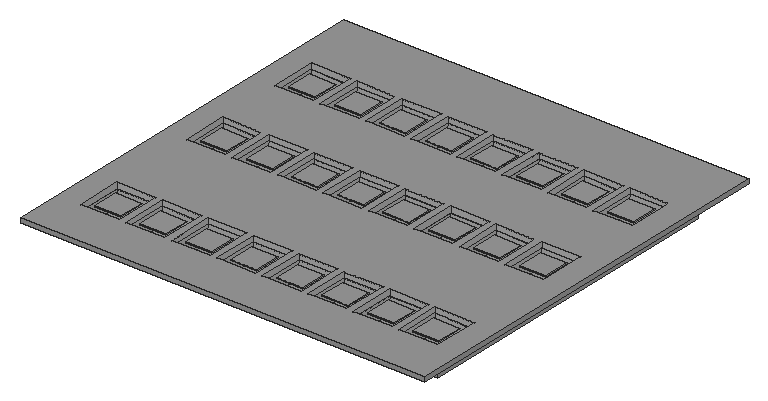
Revit family "2023872", category Lighting Fixtures, host Face, Revit 2018
Family settings
  Host = Face
  Round Connector Dimension = Use Diameter
  Part Type = Normal
  OmniClass Number = 23.80.70.00
  OmniClass Title = Lighting
  Cut with Voids When Loaded = No
  Light Source = Yes
  Shared = No
  Room Calculation Point = No
Parameters (values of type "2023872 OPTIX R 625 3L LUMI 4K ALU SSC")
  Weight = "n/a"
  Wattage Comments = ""
  Wattage = 9.2903 W
  WarrantyStartDate [instance] = "n/a"
  WarrantyGuarantorParts = "n/a"
  WarrantyDurationUnit = "n/a"
  WarrantyDurationParts = ""
  WarrantyDescription = "http://www.sylvania-lighting.com"
  built-in parameter 1150110 = 1 (stored number, unit not read)
  Voltage = 0 V
  URL = "1"
  TypeName = "OPTIX RECESSED 625 3L LUMI 4K ALU SSC"
  Type Image = <None>
  Type Comments = "n/a"
  built-in parameter 1114217 = 1 (stored number, unit not read)
  Tilt Angle = -90.00°
  built-in parameter 1150109 = 1 (stored number, unit not read)
  built-in parameter 1150134 = 3
  built-in parameter 1150113 = 1 (stored number, unit not read)
  SerialNumber [instance] = "n/a"
  Photometric Web File = "2023872.ies"
  Material_3_SYL = none
  PowerFactor = 0
  PowerConsumption = "Lighting"
  NominalLength = 621 mm
  NominalHeight = 38 mm
  NominalDepth = 620 mm
  Name = "OPTIX RECESSED 625 3L LUMI 4K ALU SSC"
  ModelReference = Name  # "OPTIX RECESSED 625 3L LUMI 4K ALU SSC"
  ModelNumber = "2023872"
  Model = Name  # "OPTIX RECESSED 625 3L LUMI 4K ALU SSC"
  Material = "Feilo Sylvania"
  ManufacturerName = "99 lm/W"
  Manufacturer = ""
  LuminousEfficacy = ""
  built-in parameter 1150105 = 109.82 (stored number, unit not read)
  Lumens = 1380 lm
  LuminaireType = "0"
  built-in parameter 1150115 = 1 (stored number, unit not read)
  LightOutputRatio = "LED"
  built-in parameter 1150137 = (empty or 0)
  built-in parameter 1150139 = (empty or 0)
  LampsType = Lamp  # "n/a"
  LampNominalLuminous = "4000 K"
  LampMacAdamStep = "98"
  LampColourTemperature = "LED"
  LampColourRenderingIndex = "16500"
  built-in parameter 1150112 = 1 (stored number, unit not read)
  built-in parameter 1150114 = 1 (stored number, unit not read)
  Lamp = "n/a"
  Keynote = "n/a"
  InstallationDate [instance] = "n/a"
  InputVoltage = "0"
  InputNominalFrequency = "4000"
  built-in parameter 1150132 = (empty or 0)
  built-in parameter 1150102 = (empty or 0)
  built-in parameter 1150107 = 3200 (stored number, unit not read)
  built-in parameter 1150138 = (empty or 0)
  IngressProtection = "IfcLightFixtureType"
  ImpactProtectionIndex = "IfcLightFixtureType"
  built-in parameter 1150106 = 1.0982 (stored number, unit not read)
  IfcExportType = "IfcLightFixtureType"
  IfcExportAs = "Class I"
  Emit from Circle Diameter = 609.6 mm
  Emit Shape Visible in Rendering = no
  ElectricShockClassification = "99"
  built-in parameter 1150104 = 13.8 (stored number, unit not read)
  DocumentationLiterature = "http://www.sylvania-lighting.com/product/en-int/products/2023872"
  DimmingControlOptions = "n/a"
  Material_2_SYL = none
  Dimming Lamp Color Temperature Shift = <None>
  Description = "OPTIX RECESSED 625 3L LUMI 4000K ALU SSC is a ceiling recessed luminaire for office and education applications with Aluminised plastic extra low glare optics and RAL9016 colour fixture body. SylSmart Standalone enabled. 4000K Neutral White LED, chromaticity tolerance of 3-step MacAdam ellipse. For 4000K - Colour rendering index Ra >98; Melanopic Ratio MEER: 0.776; Fidelity Index Rᶠ: 94; Gamut Index Rᶢ: 98. For 4000K luminous flux: 3750lm. Power consumption: 38W. Luminaire efficacy: 99lm/W. UGR<16 Luminance at 65°<200 Cd/m2, IK07, IP20. Photobiological safety risk group 0. Electrical protection Class I. Glow wire test 850°C. 60,000hrs L80B20 lifespan."
  Default Elevation = 1219.2 mm
  CreatedOn = "13/10/2022"
  CreatedBy = "@sylvania-lighting.com"
  Cost = 0
  Color Filter = 16777215
  built-in parameter 1114216 [instance] = (empty or 0)
  ClassificationValue = "EF_70_80"
  ClassificationName = "Uniclass2015"
  Material_1_SYL = none
  BarCode [instance] = "n/a"
  built-in parameter 1114218 = 1 (stored number, unit not read)
  built-in parameter 1150133 = 10 (stored number, unit not read)
  AssetType = "Fixed"
  AssetIdentifier [instance] = "n/a"
  Assembly Code = "D5020200"
  Apparent Load = 38 VA
  Material_4_SYL = none
Reference planes
  plane 1 "Center (Front/Back)": y = 0
  plane 2: z = 0
  plane 3 "Center (Left/Right)": x = 0
  plane 4: x = -310.5
  plane 5: x = 310.5
  plane 6: y = 310
  plane 7: y = -310
  plane 8: x = -281.5
  plane 9: x = 281.5
  plane 10: y = 250
  plane 11: y = -250
  plane 12: z = -32
  plane 13: z = 6
  plane 14: y = 204
  plane 15: y = -204
  plane 16: y = 134
  plane 17: y = -134
  plane 18: x = -280
  plane 19: x = 280
  plane 20: x = -275.2
  plane 21: x = -215.2
  plane 22: x = -205.4
  plane 23: x = -145.397
  plane 24: x = -135.597
  plane 25: x = -75.597
  plane 26: x = -65.797
  plane 27: x = -5.797
  plane 28: x = 4.003
  plane 29: x = 64.003
  plane 30: x = 73.803
  plane 31: x = 143.603
  plane 32: x = 133.803
  plane 33: x = 203.603
  plane 34: x = 213.403
  plane 35: x = 273.403
  plane 36: y = 149
  plane 37: y = 189
  plane 38: x = -225.2
  plane 39: x = -265.2
  plane 40: y = 169
  plane 41: y = 35
  plane 42: y = -35
  plane 43: x = -275.2
  plane 44: x = -215.2
  plane 45: x = -205.4
  plane 46: x = -145.397
  plane 47: x = -135.597
  plane 48: x = -75.597
  plane 49: x = -65.797
  plane 50: x = -5.797
  plane 51: x = 4.003
  plane 52: x = 64.003
  plane 53: x = 73.803
  plane 54: x = 143.603
  plane 55: x = 133.803
  plane 56: x = 203.603
  plane 57: x = 213.403
  plane 58: x = 273.403
  plane 59: y = -20
  plane 60: y = 20
  plane 61: x = -225.2
  plane 62: x = -265.2
  plane 63: y = 0
  plane 64: x = -275.2
  plane 65: x = -215.2
  plane 66: x = -205.4
  plane 67: x = -145.397
  plane 68: x = -135.597
  plane 69: x = -75.597
  plane 70: x = -65.797
  plane 71: x = -5.797
  plane 72: x = 4.003
  plane 73: x = 64.003
  plane 74: x = 73.803
  plane 75: x = 143.603
  plane 76: x = 133.803
  plane 77: x = 203.603
  plane 78: x = 213.403
  plane 79: x = 273.403
  plane 80: y = -224
  plane 81: y = -184
  plane 82: x = -225.2
  plane 83: x = -265.2
Forms (mm)
  Extrusion 1, solid, material "Aluminum", detail levels medium+fine
    sketch origin (0, 0, 0) x (1, 0, 0) y (0, 1, 0)
      loop
        line (-310.5, 310) -> (-310.5, -310) -> (310.5, -310) -> (310.5, 310) -> (-310.5, 310)
    from 0 to 6
  Extrusion 2, solid, material "Aluminum", detail levels medium+fine
    sketch origin (0, 0, 0) x (1, 0, 0) y (0, 1, 0)
      loop
        line (-281.5, 250) -> (-281.5, -250) -> (281.5, -250) -> (281.5, 250) -> (-281.5, 250)
    from 0 to -32
  Blend 3, void
    base sketch origin (0, 0, 0) x (1, 0, 0) y (0, 1, 0)
      loop
        line (-275.2, 204) -> (-275.2, 134) -> (-215.2, 134) -> (-215.2, 204) -> (-275.2, 204)
    top sketch origin (0, 0, 0) x (1, 0, 0) y (0, 1, 0)
      loop
        line (-265.2, 189) -> (-265.2, 149) -> (-225.2, 149) -> (-225.2, 189) -> (-265.2, 189)
    from 6 to -19
  Blend 4, void
    base sketch origin (69.8, 0, 0) x (1, 0, 0) y (0, 1, 0)
      loop
        line (-275.2, 204) -> (-275.2, 134) -> (-215.2, 134) -> (-215.2, 204) -> (-275.2, 204)
    top sketch origin (69.8, 0, 0) x (1, 0, 0) y (0, 1, 0)
      loop
        line (-265.2, 189) -> (-265.2, 149) -> (-225.2, 149) -> (-225.2, 189) -> (-265.2, 189)
    from 6 to -19
  Blend 5, void
    base sketch origin (139.603, 0, 0) x (1, 0, 0) y (0, 1, 0)
      loop
        line (-275.2, 204) -> (-275.2, 134) -> (-215.2, 134) -> (-215.2, 204) -> (-275.2, 204)
    top sketch origin (139.603, 0, 0) x (1, 0, 0) y (0, 1, 0)
      loop
        line (-265.2, 189) -> (-265.2, 149) -> (-225.2, 149) -> (-225.2, 189) -> (-265.2, 189)
    from 6 to -19
  Blend 6, void
    base sketch origin (209.403, 0, 0) x (1, 0, 0) y (0, 1, 0)
      loop
        line (-275.2, 204) -> (-275.2, 134) -> (-215.2, 134) -> (-215.2, 204) -> (-275.2, 204)
    top sketch origin (209.403, 0, 0) x (1, 0, 0) y (0, 1, 0)
      loop
        line (-265.2, 189) -> (-265.2, 149) -> (-225.2, 149) -> (-225.2, 189) -> (-265.2, 189)
    from 6 to -19
  Blend 7, void
    base sketch origin (279.203, 0, 0) x (1, 0, 0) y (0, 1, 0)
      loop
        line (-275.2, 204) -> (-275.2, 134) -> (-215.2, 134) -> (-215.2, 204) -> (-275.2, 204)
    top sketch origin (279.203, 0, 0) x (1, 0, 0) y (0, 1, 0)
      loop
        line (-265.2, 189) -> (-265.2, 149) -> (-225.2, 149) -> (-225.2, 189) -> (-265.2, 189)
    from 6 to -19
  Blend 8, void
    base sketch origin (349.003, 0, 0) x (1, 0, 0) y (0, 1, 0)
      loop
        line (-275.2, 204) -> (-275.2, 134) -> (-215.2, 134) -> (-215.2, 204) -> (-275.2, 204)
    top sketch origin (349.003, 0, 0) x (1, 0, 0) y (0, 1, 0)
      loop
        line (-265.2, 189) -> (-265.2, 149) -> (-225.2, 149) -> (-225.2, 189) -> (-265.2, 189)
    from 6 to -19
  Blend 9, void
    base sketch origin (418.803, 0, 0) x (1, 0, 0) y (0, 1, 0)
      loop
        line (-275.2, 204) -> (-275.2, 134) -> (-215.2, 134) -> (-215.2, 204) -> (-275.2, 204)
    top sketch origin (418.803, 0, 0) x (1, 0, 0) y (0, 1, 0)
      loop
        line (-265.2, 189) -> (-265.2, 149) -> (-225.2, 149) -> (-225.2, 189) -> (-265.2, 189)
    from 6 to -19
  Blend 10, void
    base sketch origin (488.603, 0, 0) x (1, 0, 0) y (0, 1, 0)
      loop
        line (-275.2, 204) -> (-275.2, 134) -> (-215.2, 134) -> (-215.2, 204) -> (-275.2, 204)
    top sketch origin (488.603, 0, 0) x (1, 0, 0) y (0, 1, 0)
      loop
        line (-265.2, 189) -> (-265.2, 149) -> (-225.2, 149) -> (-225.2, 189) -> (-265.2, 189)
    from 6 to -19
  Extrusion 11, solid, material "Glass, White, High Luminance", detail levels fine
    sketch origin (0, 0, 0) x (1, 0, 0) y (0, 1, 0)
      loop
        line (-265.2, 189) -> (-265.2, 149) -> (-225.2, 149) -> (-225.2, 189) -> (-265.2, 189)
    from 0 to 1
  Extrusion 12, solid, material "Glass, White, High Luminance", detail levels fine
    sketch origin (69.8, 0, 0) x (1, 0, 0) y (0, 1, 0)
      loop
        line (-265.2, 189) -> (-265.2, 149) -> (-225.2, 149) -> (-225.2, 189) -> (-265.2, 189)
    from 0 to 1
  Extrusion 13, solid, material "Glass, White, High Luminance", detail levels fine
    sketch origin (139.603, 0, 0) x (1, 0, 0) y (0, 1, 0)
      loop
        line (-265.2, 189) -> (-265.2, 149) -> (-225.2, 149) -> (-225.2, 189) -> (-265.2, 189)
    from 0 to 1
  Extrusion 14, solid, material "Glass, White, High Luminance", detail levels fine
    sketch origin (209.403, 0, 0) x (1, 0, 0) y (0, 1, 0)
      loop
        line (-265.2, 189) -> (-265.2, 149) -> (-225.2, 149) -> (-225.2, 189) -> (-265.2, 189)
    from 0 to 1
  Extrusion 15, solid, material "Glass, White, High Luminance", detail levels fine
    sketch origin (279.203, 0, 0) x (1, 0, 0) y (0, 1, 0)
      loop
        line (-265.2, 189) -> (-265.2, 149) -> (-225.2, 149) -> (-225.2, 189) -> (-265.2, 189)
    from 0 to 1
  Extrusion 16, solid, material "Glass, White, High Luminance", detail levels fine
    sketch origin (349.003, 0, 0) x (1, 0, 0) y (0, 1, 0)
      loop
        line (-265.2, 189) -> (-265.2, 149) -> (-225.2, 149) -> (-225.2, 189) -> (-265.2, 189)
    from 0 to 1
  Extrusion 17, solid, material "Glass, White, High Luminance", detail levels fine
    sketch origin (418.803, 0, 0) x (1, 0, 0) y (0, 1, 0)
      loop
        line (-265.2, 189) -> (-265.2, 149) -> (-225.2, 149) -> (-225.2, 189) -> (-265.2, 189)
    from 0 to 1
  Extrusion 18, solid, material "Glass, White, High Luminance", detail levels fine
    sketch origin (488.603, 0, 0) x (1, 0, 0) y (0, 1, 0)
      loop
        line (-265.2, 189) -> (-265.2, 149) -> (-225.2, 149) -> (-225.2, 189) -> (-265.2, 189)
    from 0 to 1
  Extrusion 19, solid, material "Glass, White, High Luminance", detail levels fine
    sketch origin (0, -169, 0) x (1, 0, 0) y (0, 1, 0)
      loop
        line (-265.2, 189) -> (-265.2, 149) -> (-225.2, 149) -> (-225.2, 189) -> (-265.2, 189)
    from 0 to 1
  Extrusion 20, solid, material "Glass, White, High Luminance", detail levels fine
    sketch origin (69.8, -169, 0) x (1, 0, 0) y (0, 1, 0)
      loop
        line (-265.2, 189) -> (-265.2, 149) -> (-225.2, 149) -> (-225.2, 189) -> (-265.2, 189)
    from 0 to 1
  Extrusion 21, solid, material "Glass, White, High Luminance", detail levels fine
    sketch origin (139.603, -169, 0) x (1, 0, 0) y (0, 1, 0)
      loop
        line (-265.2, 189) -> (-265.2, 149) -> (-225.2, 149) -> (-225.2, 189) -> (-265.2, 189)
    from 0 to 1
  Extrusion 22, solid, material "Glass, White, High Luminance", detail levels fine
    sketch origin (209.403, -169, 0) x (1, 0, 0) y (0, 1, 0)
      loop
        line (-265.2, 189) -> (-265.2, 149) -> (-225.2, 149) -> (-225.2, 189) -> (-265.2, 189)
    from 0 to 1
  Extrusion 23, solid, material "Glass, White, High Luminance", detail levels fine
    sketch origin (279.203, -169, 0) x (1, 0, 0) y (0, 1, 0)
      loop
        line (-265.2, 189) -> (-265.2, 149) -> (-225.2, 149) -> (-225.2, 189) -> (-265.2, 189)
    from 0 to 1
  Extrusion 24, solid, material "Glass, White, High Luminance", detail levels fine
    sketch origin (349.003, -169, 0) x (1, 0, 0) y (0, 1, 0)
      loop
        line (-265.2, 189) -> (-265.2, 149) -> (-225.2, 149) -> (-225.2, 189) -> (-265.2, 189)
    from 0 to 1
  Extrusion 25, solid, material "Glass, White, High Luminance", detail levels fine
    sketch origin (418.803, -169, 0) x (1, 0, 0) y (0, 1, 0)
      loop
        line (-265.2, 189) -> (-265.2, 149) -> (-225.2, 149) -> (-225.2, 189) -> (-265.2, 189)
    from 0 to 1
  Extrusion 26, solid, material "Glass, White, High Luminance", detail levels fine
    sketch origin (488.603, -169, 0) x (1, 0, 0) y (0, 1, 0)
      loop
        line (-265.2, 189) -> (-265.2, 149) -> (-225.2, 149) -> (-225.2, 189) -> (-265.2, 189)
    from 0 to 1
  Blend 27, void
    base sketch origin (0, -169, 0) x (1, 0, 0) y (0, 1, 0)
      loop
        line (-275.2, 204) -> (-275.2, 134) -> (-215.2, 134) -> (-215.2, 204) -> (-275.2, 204)
    top sketch origin (0, -169, 0) x (1, 0, 0) y (0, 1, 0)
      loop
        line (-265.2, 189) -> (-265.2, 149) -> (-225.2, 149) -> (-225.2, 189) -> (-265.2, 189)
    from 6 to -19
  Blend 28, void
    base sketch origin (69.8, -169, 0) x (1, 0, 0) y (0, 1, 0)
      loop
        line (-275.2, 204) -> (-275.2, 134) -> (-215.2, 134) -> (-215.2, 204) -> (-275.2, 204)
    top sketch origin (69.8, -169, 0) x (1, 0, 0) y (0, 1, 0)
      loop
        line (-265.2, 189) -> (-265.2, 149) -> (-225.2, 149) -> (-225.2, 189) -> (-265.2, 189)
    from 6 to -19
  Blend 29, void
    base sketch origin (139.603, -169, 0) x (1, 0, 0) y (0, 1, 0)
      loop
        line (-275.2, 204) -> (-275.2, 134) -> (-215.2, 134) -> (-215.2, 204) -> (-275.2, 204)
    top sketch origin (139.603, -169, 0) x (1, 0, 0) y (0, 1, 0)
      loop
        line (-265.2, 189) -> (-265.2, 149) -> (-225.2, 149) -> (-225.2, 189) -> (-265.2, 189)
    from 6 to -19
  Blend 30, void
    base sketch origin (209.403, -169, 0) x (1, 0, 0) y (0, 1, 0)
      loop
        line (-275.2, 204) -> (-275.2, 134) -> (-215.2, 134) -> (-215.2, 204) -> (-275.2, 204)
    top sketch origin (209.403, -169, 0) x (1, 0, 0) y (0, 1, 0)
      loop
        line (-265.2, 189) -> (-265.2, 149) -> (-225.2, 149) -> (-225.2, 189) -> (-265.2, 189)
    from 6 to -19
  Blend 31, void
    base sketch origin (279.203, -169, 0) x (1, 0, 0) y (0, 1, 0)
      loop
        line (-275.2, 204) -> (-275.2, 134) -> (-215.2, 134) -> (-215.2, 204) -> (-275.2, 204)
    top sketch origin (279.203, -169, 0) x (1, 0, 0) y (0, 1, 0)
      loop
        line (-265.2, 189) -> (-265.2, 149) -> (-225.2, 149) -> (-225.2, 189) -> (-265.2, 189)
    from 6 to -19
  Blend 32, void
    base sketch origin (349.003, -169, 0) x (1, 0, 0) y (0, 1, 0)
      loop
        line (-275.2, 204) -> (-275.2, 134) -> (-215.2, 134) -> (-215.2, 204) -> (-275.2, 204)
    top sketch origin (349.003, -169, 0) x (1, 0, 0) y (0, 1, 0)
      loop
        line (-265.2, 189) -> (-265.2, 149) -> (-225.2, 149) -> (-225.2, 189) -> (-265.2, 189)
    from 6 to -19
  Blend 33, void
    base sketch origin (418.803, -169, 0) x (1, 0, 0) y (0, 1, 0)
      loop
        line (-275.2, 204) -> (-275.2, 134) -> (-215.2, 134) -> (-215.2, 204) -> (-275.2, 204)
    top sketch origin (418.803, -169, 0) x (1, 0, 0) y (0, 1, 0)
      loop
        line (-265.2, 189) -> (-265.2, 149) -> (-225.2, 149) -> (-225.2, 189) -> (-265.2, 189)
    from 6 to -19
  Blend 34, void
    base sketch origin (488.603, -169, 0) x (1, 0, 0) y (0, 1, 0)
      loop
        line (-275.2, 204) -> (-275.2, 134) -> (-215.2, 134) -> (-215.2, 204) -> (-275.2, 204)
    top sketch origin (488.603, -169, 0) x (1, 0, 0) y (0, 1, 0)
      loop
        line (-265.2, 189) -> (-265.2, 149) -> (-225.2, 149) -> (-225.2, 189) -> (-265.2, 189)
    from 6 to -19
  Extrusion 35, solid, material "Glass, White, High Luminance", detail levels fine
    sketch origin (0, -373, 0) x (1, 0, 0) y (0, 1, 0)
      loop
        line (-265.2, 189) -> (-265.2, 149) -> (-225.2, 149) -> (-225.2, 189) -> (-265.2, 189)
    from 0 to 1
  Extrusion 36, solid, material "Glass, White, High Luminance", detail levels fine
    sketch origin (69.8, -373, 0) x (1, 0, 0) y (0, 1, 0)
      loop
        line (-265.2, 189) -> (-265.2, 149) -> (-225.2, 149) -> (-225.2, 189) -> (-265.2, 189)
    from 0 to 1
  Extrusion 37, solid, material "Glass, White, High Luminance", detail levels fine
    sketch origin (139.603, -373, 0) x (1, 0, 0) y (0, 1, 0)
      loop
        line (-265.2, 189) -> (-265.2, 149) -> (-225.2, 149) -> (-225.2, 189) -> (-265.2, 189)
    from 0 to 1
  Extrusion 38, solid, material "Glass, White, High Luminance", detail levels fine
    sketch origin (209.403, -373, 0) x (1, 0, 0) y (0, 1, 0)
      loop
        line (-265.2, 189) -> (-265.2, 149) -> (-225.2, 149) -> (-225.2, 189) -> (-265.2, 189)
    from 0 to 1
  Extrusion 39, solid, material "Glass, White, High Luminance", detail levels fine
    sketch origin (279.203, -373, 0) x (1, 0, 0) y (0, 1, 0)
      loop
        line (-265.2, 189) -> (-265.2, 149) -> (-225.2, 149) -> (-225.2, 189) -> (-265.2, 189)
    from 0 to 1
  Extrusion 40, solid, material "Glass, White, High Luminance", detail levels fine
    sketch origin (349.003, -373, 0) x (1, 0, 0) y (0, 1, 0)
      loop
        line (-265.2, 189) -> (-265.2, 149) -> (-225.2, 149) -> (-225.2, 189) -> (-265.2, 189)
    from 0 to 1
  Extrusion 41, solid, material "Glass, White, High Luminance", detail levels fine
    sketch origin (418.803, -373, 0) x (1, 0, 0) y (0, 1, 0)
      loop
        line (-265.2, 189) -> (-265.2, 149) -> (-225.2, 149) -> (-225.2, 189) -> (-265.2, 189)
    from 0 to 1
  Extrusion 42, solid, material "Glass, White, High Luminance", detail levels fine
    sketch origin (488.603, -373, 0) x (1, 0, 0) y (0, 1, 0)
      loop
        line (-265.2, 189) -> (-265.2, 149) -> (-225.2, 149) -> (-225.2, 189) -> (-265.2, 189)
    from 0 to 1
  Blend 43, void
    base sketch origin (0, -373, 0) x (1, 0, 0) y (0, 1, 0)
      loop
        line (-275.2, 204) -> (-275.2, 134) -> (-215.2, 134) -> (-215.2, 204) -> (-275.2, 204)
    top sketch origin (0, -373, 0) x (1, 0, 0) y (0, 1, 0)
      loop
        line (-265.2, 189) -> (-265.2, 149) -> (-225.2, 149) -> (-225.2, 189) -> (-265.2, 189)
    from 6 to -19
  Blend 44, void
    base sketch origin (69.8, -373, 0) x (1, 0, 0) y (0, 1, 0)
      loop
        line (-275.2, 204) -> (-275.2, 134) -> (-215.2, 134) -> (-215.2, 204) -> (-275.2, 204)
    top sketch origin (69.8, -373, 0) x (1, 0, 0) y (0, 1, 0)
      loop
        line (-265.2, 189) -> (-265.2, 149) -> (-225.2, 149) -> (-225.2, 189) -> (-265.2, 189)
    from 6 to -19
  Blend 45, void
    base sketch origin (139.603, -373, 0) x (1, 0, 0) y (0, 1, 0)
      loop
        line (-275.2, 204) -> (-275.2, 134) -> (-215.2, 134) -> (-215.2, 204) -> (-275.2, 204)
    top sketch origin (139.603, -373, 0) x (1, 0, 0) y (0, 1, 0)
      loop
        line (-265.2, 189) -> (-265.2, 149) -> (-225.2, 149) -> (-225.2, 189) -> (-265.2, 189)
    from 6 to -19
  Blend 46, void
    base sketch origin (209.403, -373, 0) x (1, 0, 0) y (0, 1, 0)
      loop
        line (-275.2, 204) -> (-275.2, 134) -> (-215.2, 134) -> (-215.2, 204) -> (-275.2, 204)
    top sketch origin (209.403, -373, 0) x (1, 0, 0) y (0, 1, 0)
      loop
        line (-265.2, 189) -> (-265.2, 149) -> (-225.2, 149) -> (-225.2, 189) -> (-265.2, 189)
    from 6 to -19
  Blend 47, void
    base sketch origin (279.203, -373, 0) x (1, 0, 0) y (0, 1, 0)
      loop
        line (-275.2, 204) -> (-275.2, 134) -> (-215.2, 134) -> (-215.2, 204) -> (-275.2, 204)
    top sketch origin (279.203, -373, 0) x (1, 0, 0) y (0, 1, 0)
      loop
        line (-265.2, 189) -> (-265.2, 149) -> (-225.2, 149) -> (-225.2, 189) -> (-265.2, 189)
    from 6 to -19
  Blend 48, void
    base sketch origin (349.003, -373, 0) x (1, 0, 0) y (0, 1, 0)
      loop
        line (-275.2, 204) -> (-275.2, 134) -> (-215.2, 134) -> (-215.2, 204) -> (-275.2, 204)
    top sketch origin (349.003, -373, 0) x (1, 0, 0) y (0, 1, 0)
      loop
        line (-265.2, 189) -> (-265.2, 149) -> (-225.2, 149) -> (-225.2, 189) -> (-265.2, 189)
    from 6 to -19
  Blend 49, void
    base sketch origin (418.803, -373, 0) x (1, 0, 0) y (0, 1, 0)
      loop
        line (-275.2, 204) -> (-275.2, 134) -> (-215.2, 134) -> (-215.2, 204) -> (-275.2, 204)
    top sketch origin (418.803, -373, 0) x (1, 0, 0) y (0, 1, 0)
      loop
        line (-265.2, 189) -> (-265.2, 149) -> (-225.2, 149) -> (-225.2, 189) -> (-265.2, 189)
    from 6 to -19
  Blend 50, void
    base sketch origin (488.603, -373, 0) x (1, 0, 0) y (0, 1, 0)
      loop
        line (-275.2, 204) -> (-275.2, 134) -> (-215.2, 134) -> (-215.2, 204) -> (-275.2, 204)
    top sketch origin (488.603, -373, 0) x (1, 0, 0) y (0, 1, 0)
      loop
        line (-265.2, 189) -> (-265.2, 149) -> (-225.2, 149) -> (-225.2, 189) -> (-265.2, 189)
    from 6 to -19
  Extrusion 51, solid, detail levels coarse
    sketch origin (0, 0, 0) x (1, 0, 0) y (0, 0, 1)
      loop
        line (-310.5, 6) -> (-310.5, -32) -> (310, -32) -> (310, 6) -> (-310.5, 6)
    from -310 to 310
Cuts and joins
  Blend 3, Blend 4, Blend 5, Blend 6, Blend 7, Blend 8, Blend 9, Blend 10, Blend 27, Blend 28, Blend 29, Blend 30, Blend 31, Blend 32, Blend 33, Blend 34, Blend 43, Blend 44, Blend 45, Blend 46, Blend 47, Blend 48, Blend 49, Blend 50 cuts Extrusion 1
  Blend 3, Blend 4, Blend 5, Blend 6, Blend 7, Blend 8, Blend 9, Blend 10, Blend 27, Blend 28, Blend 29, Blend 30, Blend 31, Blend 32, Blend 33, Blend 34, Blend 43, Blend 44, Blend 45, Blend 46, Blend 47, Blend 48, Blend 49, Blend 50 cuts Extrusion 2
  Blend 27 cuts Extrusion 11
  Blend 28 cuts Extrusion 12
  Blend 29 cuts Extrusion 13
  Blend 30 cuts Extrusion 14
  Blend 31 cuts Extrusion 15
  Blend 32 cuts Extrusion 16
  Blend 33 cuts Extrusion 17
  Blend 34 cuts Extrusion 18
  Blend 43 cuts Extrusion 19
  Blend 44 cuts Extrusion 20
  Blend 45 cuts Extrusion 21
  Blend 46 cuts Extrusion 22
  Blend 47 cuts Extrusion 23
  Blend 48 cuts Extrusion 24
  Blend 49 cuts Extrusion 25
  Blend 50 cuts Extrusion 26
Dimensions and locks
  "NominalLength": plane 4 to plane 5
  equal spacing: plane 4, plane 3 "Center (Left/Right)", plane 5
  "NominalDepth": plane 6 to plane 7
  equal spacing: plane 6, plane 1 "Center (Front/Back)", plane 7
  plane 12 to plane 2 = 32 mm
  plane 13 to plane 2 = 6 mm
  "NominalHeight": plane 12 to plane 13
  aligned and locked: plane 2 to host face
  aligned and locked: level to host face
Automatic sketch dimensions
  host sketch curve to host sketch curve = 2438.4 mm  (x2)
  Extrusion 1 sketch curve to plane 4 = 0 mm
  Extrusion 1 sketch curve to plane 5 = 0 mm
  Extrusion 1 sketch curve to plane 7 = 0 mm
  Extrusion 1 sketch curve to plane 6 = 0 mm
  Extrusion 2 sketch curve to plane 8 = 0 mm
  Extrusion 2 sketch curve to plane 9 = 0 mm
  Extrusion 2 sketch curve to plane 11 = 0 mm
  Extrusion 2 sketch curve to plane 10 = 0 mm
  Blend 3 sketch curve to plane 16 = 0 mm
  Blend 3 sketch curve to plane 20 = 0 mm
  Blend 3 sketch curve to plane 21 = 0 mm
  Blend 3 sketch curve to plane 14 = 0 mm
  Blend 3 sketch curve to plane 36 = 0 mm
  Blend 3 sketch curve to plane 39 = 0 mm
  Blend 3 sketch curve to plane 38 = 0 mm
  Blend 3 sketch curve to plane 37 = 0 mm
  Blend 4 sketch curve to plane 16 = 0 mm
  Blend 4 sketch curve to plane 22 = 0 mm
  Blend 4 sketch curve to plane 14 = 0 mm
  Blend 4 sketch curve to plane 23 = 0.003 mm
  Blend 4 sketch curve to plane 36 = 0 mm
  Blend 4 sketch curve to plane 37 = 0 mm
  plane 22 to Blend 4 sketch curve = 10 mm
  Blend 4 sketch curve to plane 23 = 10.003 mm
  Blend 5 sketch curve to plane 16 = 0 mm
  Blend 5 sketch curve to plane 24 = 0 mm
  Blend 5 sketch curve to plane 25 = 0 mm
  Blend 5 sketch curve to plane 14 = 0 mm
  plane 36 to Blend 5 sketch curve = 0 mm
  plane 37 to Blend 5 sketch curve = 0 mm
  plane 24 to Blend 5 sketch curve = 10 mm
  Blend 5 sketch curve to plane 25 = 10 mm
  Blend 6 sketch curve to plane 16 = 0 mm
  Blend 6 sketch curve to plane 26 = 0 mm
  Blend 6 sketch curve to plane 27 = 0 mm
  Blend 6 sketch curve to plane 14 = 0 mm
  plane 36 to Blend 6 sketch curve = 0 mm
  plane 37 to Blend 6 sketch curve = 0 mm
  plane 26 to Blend 6 sketch curve = 10 mm
  Blend 6 sketch curve to plane 27 = 10 mm
  Blend 7 sketch curve to plane 16 = 0 mm
  Blend 7 sketch curve to plane 28 = 0 mm
  Blend 7 sketch curve to plane 29 = 0 mm
  Blend 7 sketch curve to plane 14 = 0 mm
  plane 36 to Blend 7 sketch curve = 0 mm
  plane 37 to Blend 7 sketch curve = 0 mm
  plane 28 to Blend 7 sketch curve = 10 mm
  Blend 7 sketch curve to plane 29 = 10 mm
  Blend 8 sketch curve to plane 16 = 0 mm
  Blend 8 sketch curve to plane 30 = 0 mm
  Blend 8 sketch curve to plane 32 = 0 mm
  Blend 8 sketch curve to plane 14 = 0 mm
  plane 36 to Blend 8 sketch curve = 0 mm
  plane 37 to Blend 8 sketch curve = 0 mm
  plane 30 to Blend 8 sketch curve = 10 mm
  Blend 8 sketch curve to plane 32 = 10 mm
  Blend 9 sketch curve to plane 16 = 0 mm
  Blend 9 sketch curve to plane 31 = 0 mm
  Blend 9 sketch curve to plane 33 = 0 mm
  Blend 9 sketch curve to plane 14 = 0 mm
  plane 36 to Blend 9 sketch curve = 0 mm
  plane 37 to Blend 9 sketch curve = 0 mm
  plane 31 to Blend 9 sketch curve = 10 mm
  Blend 9 sketch curve to plane 33 = 10 mm
  Blend 10 sketch curve to plane 16 = 0 mm
  Blend 10 sketch curve to plane 34 = 0 mm
  Blend 10 sketch curve to plane 35 = 0 mm
  Blend 10 sketch curve to plane 14 = 0 mm
  plane 36 to Blend 10 sketch curve = 0 mm
  plane 37 to Blend 10 sketch curve = 0 mm
  plane 34 to Blend 10 sketch curve = 10 mm
  Blend 10 sketch curve to plane 35 = 10 mm
  Extrusion 11 sketch curve to plane 36 = 0 mm
  Extrusion 11 sketch curve to plane 39 = 0 mm
  Extrusion 11 sketch curve to plane 38 = 0 mm
  Extrusion 11 sketch curve to plane 37 = 0 mm
  Extrusion 12 sketch curve to plane 36 = 0 mm
  Extrusion 12 sketch curve to plane 37 = 0 mm
  plane 22 to Extrusion 12 sketch curve = 10 mm
  Extrusion 12 sketch curve to plane 23 = 10.003 mm
  plane 36 to Extrusion 13 sketch curve = 0 mm
  plane 37 to Extrusion 13 sketch curve = 0 mm
  plane 24 to Extrusion 13 sketch curve = 10 mm
  Extrusion 13 sketch curve to plane 25 = 10 mm
  plane 36 to Extrusion 14 sketch curve = 0 mm
  plane 37 to Extrusion 14 sketch curve = 0 mm
  plane 26 to Extrusion 14 sketch curve = 10 mm
  Extrusion 14 sketch curve to plane 27 = 10 mm
  plane 36 to Extrusion 15 sketch curve = 0 mm
  plane 37 to Extrusion 15 sketch curve = 0 mm
  plane 28 to Extrusion 15 sketch curve = 10 mm
  Extrusion 15 sketch curve to plane 29 = 10 mm
  plane 36 to Extrusion 16 sketch curve = 0 mm
  plane 37 to Extrusion 16 sketch curve = 0 mm
  plane 30 to Extrusion 16 sketch curve = 10 mm
  Extrusion 16 sketch curve to plane 32 = 10 mm
  plane 36 to Extrusion 17 sketch curve = 0 mm
  plane 37 to Extrusion 17 sketch curve = 0 mm
  plane 31 to Extrusion 17 sketch curve = 10 mm
  Extrusion 17 sketch curve to plane 33 = 10 mm
  plane 36 to Extrusion 18 sketch curve = 0 mm
  plane 37 to Extrusion 18 sketch curve = 0 mm
  plane 34 to Extrusion 18 sketch curve = 10 mm
  Extrusion 18 sketch curve to plane 35 = 10 mm
  Extrusion 19 sketch curve to plane 39 = 0 mm
  Extrusion 19 sketch curve to plane 38 = 0 mm
  Extrusion 19 sketch curve to plane 59 = 0 mm
  Extrusion 19 sketch curve to plane 60 = 0 mm
  Extrusion 20 sketch curve to plane 59 = 0 mm
  Extrusion 20 sketch curve to plane 60 = 0 mm
  plane 22 to Extrusion 20 sketch curve = 10 mm
  Extrusion 20 sketch curve to plane 23 = 10.003 mm
  plane 59 to Extrusion 21 sketch curve = 0 mm
  plane 60 to Extrusion 21 sketch curve = 0 mm
  plane 24 to Extrusion 21 sketch curve = 10 mm
  Extrusion 21 sketch curve to plane 25 = 10 mm
  plane 59 to Extrusion 22 sketch curve = 0 mm
  plane 60 to Extrusion 22 sketch curve = 0 mm
  plane 26 to Extrusion 22 sketch curve = 10 mm
  Extrusion 22 sketch curve to plane 27 = 10 mm
  plane 59 to Extrusion 23 sketch curve = 0 mm
  plane 60 to Extrusion 23 sketch curve = 0 mm
  plane 28 to Extrusion 23 sketch curve = 10 mm
  Extrusion 23 sketch curve to plane 29 = 10 mm
  plane 59 to Extrusion 24 sketch curve = 0 mm
  plane 60 to Extrusion 24 sketch curve = 0 mm
  plane 30 to Extrusion 24 sketch curve = 10 mm
  Extrusion 24 sketch curve to plane 32 = 10 mm
  plane 59 to Extrusion 25 sketch curve = 0 mm
  plane 60 to Extrusion 25 sketch curve = 0 mm
  plane 31 to Extrusion 25 sketch curve = 10 mm
  Extrusion 25 sketch curve to plane 33 = 10 mm
  plane 59 to Extrusion 26 sketch curve = 0 mm
  plane 60 to Extrusion 26 sketch curve = 0 mm
  plane 34 to Extrusion 26 sketch curve = 10 mm
  Extrusion 26 sketch curve to plane 35 = 10 mm
  Blend 27 sketch curve to plane 20 = 0 mm
  Blend 27 sketch curve to plane 21 = 0 mm
  Blend 27 sketch curve to plane 42 = 0 mm
  Blend 27 sketch curve to plane 41 = 0 mm
  Blend 27 sketch curve to plane 39 = 0 mm
  Blend 27 sketch curve to plane 38 = 0 mm
  Blend 27 sketch curve to plane 59 = 0 mm
  Blend 27 sketch curve to plane 60 = 0 mm
  Blend 28 sketch curve to plane 22 = 0 mm
  Blend 28 sketch curve to plane 42 = 0 mm
  Blend 28 sketch curve to plane 41 = 0 mm
  Blend 28 sketch curve to plane 23 = 0.003 mm
  Blend 28 sketch curve to plane 59 = 0 mm
  Blend 28 sketch curve to plane 60 = 0 mm
  plane 22 to Blend 28 sketch curve = 10 mm
  Blend 28 sketch curve to plane 23 = 10.003 mm
  Blend 29 sketch curve to plane 24 = 0 mm
  Blend 29 sketch curve to plane 25 = 0 mm
  Blend 29 sketch curve to plane 42 = 0 mm
  Blend 29 sketch curve to plane 41 = 0 mm
  plane 59 to Blend 29 sketch curve = 0 mm
  plane 60 to Blend 29 sketch curve = 0 mm
  plane 24 to Blend 29 sketch curve = 10 mm
  Blend 29 sketch curve to plane 25 = 10 mm
  Blend 30 sketch curve to plane 26 = 0 mm
  Blend 30 sketch curve to plane 27 = 0 mm
  Blend 30 sketch curve to plane 42 = 0 mm
  Blend 30 sketch curve to plane 41 = 0 mm
  plane 59 to Blend 30 sketch curve = 0 mm
  plane 60 to Blend 30 sketch curve = 0 mm
  plane 26 to Blend 30 sketch curve = 10 mm
  Blend 30 sketch curve to plane 27 = 10 mm
  Blend 31 sketch curve to plane 28 = 0 mm
  Blend 31 sketch curve to plane 29 = 0 mm
  Blend 31 sketch curve to plane 42 = 0 mm
  Blend 31 sketch curve to plane 41 = 0 mm
  plane 59 to Blend 31 sketch curve = 0 mm
  plane 60 to Blend 31 sketch curve = 0 mm
  plane 28 to Blend 31 sketch curve = 10 mm
  Blend 31 sketch curve to plane 29 = 10 mm
  Blend 32 sketch curve to plane 30 = 0 mm
  Blend 32 sketch curve to plane 32 = 0 mm
  Blend 32 sketch curve to plane 42 = 0 mm
  Blend 32 sketch curve to plane 41 = 0 mm
  plane 59 to Blend 32 sketch curve = 0 mm
  plane 60 to Blend 32 sketch curve = 0 mm
  plane 30 to Blend 32 sketch curve = 10 mm
  Blend 32 sketch curve to plane 32 = 10 mm
  Blend 33 sketch curve to plane 31 = 0 mm
  Blend 33 sketch curve to plane 33 = 0 mm
  Blend 33 sketch curve to plane 42 = 0 mm
  Blend 33 sketch curve to plane 41 = 0 mm
  plane 59 to Blend 33 sketch curve = 0 mm
  plane 60 to Blend 33 sketch curve = 0 mm
  plane 31 to Blend 33 sketch curve = 10 mm
  Blend 33 sketch curve to plane 33 = 10 mm
  Blend 34 sketch curve to plane 34 = 0 mm
  Blend 34 sketch curve to plane 35 = 0 mm
  Blend 34 sketch curve to plane 42 = 0 mm
  Blend 34 sketch curve to plane 41 = 0 mm
  plane 59 to Blend 34 sketch curve = 0 mm
  plane 60 to Blend 34 sketch curve = 0 mm
  plane 34 to Blend 34 sketch curve = 10 mm
  Blend 34 sketch curve to plane 35 = 10 mm
  Extrusion 35 sketch curve to plane 39 = 0 mm
  Extrusion 35 sketch curve to plane 38 = 0 mm
  Extrusion 35 sketch curve to plane 80 = 0 mm
  Extrusion 35 sketch curve to plane 81 = 0 mm
  Extrusion 36 sketch curve to plane 80 = 0 mm
  Extrusion 36 sketch curve to plane 81 = 0 mm
  plane 22 to Extrusion 36 sketch curve = 10 mm
  Extrusion 36 sketch curve to plane 23 = 10.003 mm
  plane 80 to Extrusion 37 sketch curve = 0 mm
  plane 81 to Extrusion 37 sketch curve = 0 mm
  plane 24 to Extrusion 37 sketch curve = 10 mm
  Extrusion 37 sketch curve to plane 25 = 10 mm
  plane 80 to Extrusion 38 sketch curve = 0 mm
  plane 81 to Extrusion 38 sketch curve = 0 mm
  plane 26 to Extrusion 38 sketch curve = 10 mm
  Extrusion 38 sketch curve to plane 27 = 10 mm
  plane 80 to Extrusion 39 sketch curve = 0 mm
  plane 81 to Extrusion 39 sketch curve = 0 mm
  plane 28 to Extrusion 39 sketch curve = 10 mm
  Extrusion 39 sketch curve to plane 29 = 10 mm
  plane 80 to Extrusion 40 sketch curve = 0 mm
  plane 81 to Extrusion 40 sketch curve = 0 mm
  plane 30 to Extrusion 40 sketch curve = 10 mm
  Extrusion 40 sketch curve to plane 32 = 10 mm
  plane 80 to Extrusion 41 sketch curve = 0 mm
  plane 81 to Extrusion 41 sketch curve = 0 mm
  plane 31 to Extrusion 41 sketch curve = 10 mm
  Extrusion 41 sketch curve to plane 33 = 10 mm
  plane 80 to Extrusion 42 sketch curve = 0 mm
  plane 81 to Extrusion 42 sketch curve = 0 mm
  plane 34 to Extrusion 42 sketch curve = 10 mm
  Extrusion 42 sketch curve to plane 35 = 10 mm
  Blend 43 sketch curve to plane 20 = 0 mm
  Blend 43 sketch curve to plane 21 = 0 mm
  plane 11 to Blend 43 sketch curve = 11 mm
  plane 81 to Blend 43 sketch curve = 15 mm
  Blend 43 sketch curve to plane 39 = 0 mm
  Blend 43 sketch curve to plane 38 = 0 mm
  Blend 43 sketch curve to plane 80 = 0 mm
  Blend 43 sketch curve to plane 81 = 0 mm
  Blend 44 sketch curve to plane 22 = 0 mm
  Blend 44 sketch curve to plane 23 = 0.003 mm
  plane 11 to Blend 44 sketch curve = 11 mm
  plane 81 to Blend 44 sketch curve = 15 mm
  Blend 44 sketch curve to plane 80 = 0 mm
  Blend 44 sketch curve to plane 81 = 0 mm
  plane 22 to Blend 44 sketch curve = 10 mm
  Blend 44 sketch curve to plane 23 = 10.003 mm
  Blend 45 sketch curve to plane 24 = 0 mm
  Blend 45 sketch curve to plane 25 = 0 mm
  plane 11 to Blend 45 sketch curve = 11 mm
  plane 81 to Blend 45 sketch curve = 15 mm
  plane 80 to Blend 45 sketch curve = 0 mm
  plane 81 to Blend 45 sketch curve = 0 mm
  plane 24 to Blend 45 sketch curve = 10 mm
  Blend 45 sketch curve to plane 25 = 10 mm
  Blend 46 sketch curve to plane 26 = 0 mm
  Blend 46 sketch curve to plane 27 = 0 mm
  plane 11 to Blend 46 sketch curve = 11 mm
  plane 81 to Blend 46 sketch curve = 15 mm
  plane 80 to Blend 46 sketch curve = 0 mm
  plane 81 to Blend 46 sketch curve = 0 mm
  plane 26 to Blend 46 sketch curve = 10 mm
  Blend 46 sketch curve to plane 27 = 10 mm
  Blend 47 sketch curve to plane 28 = 0 mm
  Blend 47 sketch curve to plane 29 = 0 mm
  plane 11 to Blend 47 sketch curve = 11 mm
  plane 81 to Blend 47 sketch curve = 15 mm
  plane 80 to Blend 47 sketch curve = 0 mm
  plane 81 to Blend 47 sketch curve = 0 mm
  plane 28 to Blend 47 sketch curve = 10 mm
  Blend 47 sketch curve to plane 29 = 10 mm
  Blend 48 sketch curve to plane 30 = 0 mm
  Blend 48 sketch curve to plane 32 = 0 mm
  plane 11 to Blend 48 sketch curve = 11 mm
  plane 81 to Blend 48 sketch curve = 15 mm
  plane 80 to Blend 48 sketch curve = 0 mm
  plane 81 to Blend 48 sketch curve = 0 mm
  plane 30 to Blend 48 sketch curve = 10 mm
  Blend 48 sketch curve to plane 32 = 10 mm
  Blend 49 sketch curve to plane 31 = 0 mm
  Blend 49 sketch curve to plane 33 = 0 mm
  plane 11 to Blend 49 sketch curve = 11 mm
  plane 81 to Blend 49 sketch curve = 15 mm
  plane 80 to Blend 49 sketch curve = 0 mm
  plane 81 to Blend 49 sketch curve = 0 mm
  plane 31 to Blend 49 sketch curve = 10 mm
  Blend 49 sketch curve to plane 33 = 10 mm
  Blend 50 sketch curve to plane 34 = 0 mm
  Blend 50 sketch curve to plane 35 = 0 mm
  plane 11 to Blend 50 sketch curve = 11 mm
  plane 81 to Blend 50 sketch curve = 15 mm
  plane 80 to Blend 50 sketch curve = 0 mm
  plane 81 to Blend 50 sketch curve = 0 mm
  plane 34 to Blend 50 sketch curve = 10 mm
  Blend 50 sketch curve to plane 35 = 10 mm
  Extrusion 51 sketch curve to plane 4 = 0 mm
  plane 9 to Extrusion 51 sketch curve = 28.5 mm
  Extrusion 51 sketch curve to plane 12 = 0 mm
  plane 13 to Extrusion 51 sketch curve = 0 mm
Connectors
  electrical at (0, 0, 0), driven by "Apparent Load", driven by "PowerFactor", driven by "Voltage"
    settings: index 1, voltage 0 V, apparent load 38 VA, apparent load phase1 0 VA, apparent load phase2 0 VA, apparent load phase3 0 VA, power factor 0, load classification "Lighting", number of poles 1, system type 30, power factor state 1, is connector primary yes, connector utility no, sub classification motor no, connector description ""
